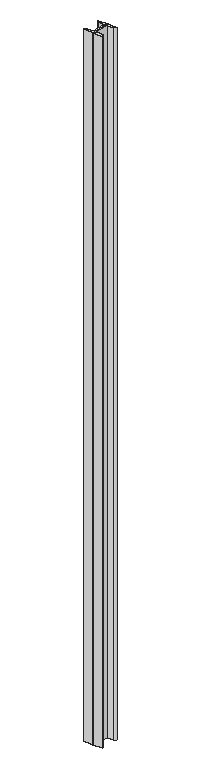
Revit family
Parameters (values of type "2C 75x40x5/7")
  공간 = 0 mm
  기둥 재료 [instance] = 금속 - 스틸 - 345 MPa
  A = 1763.60 mm²
  Assembly Code = "B10"
  W = 0.136
  bf = 40 mm
  d = 75 mm
  tf = 7 mm
  tw = 5 mm
Reference planes
  plane 1: y = 0
  plane 2: z = 0
  plane 3: x = 0
  plane 4: x = -40
  plane 5: x = 40
  plane 6: y = 37.5
  plane 7: y = -37.5
  plane 8: x = 0
  plane 9: x = 0
  plane 10: y = 30.5
  plane 11: y = -30.5
  plane 12: x = 5
  plane 13: x = -5
  plane 14: x = 33
  plane 15: x = -33
Forms (mm)
  Extrusion 1, solid, material "금속 - 스틸 - 345 MPa" <- "기둥 재료", detail levels medium
    sketch origin (0, 0, 0) x (1, 0, 0) y (0, 1, 0)
      loop
        line (40, 37.5) -> (0, 37.5) -> (0, -37.5) -> (40, -37.5) -> (40, -30.5) -> (5, -24.957) -> (5, 24.957) -> (40, 30.5) -> (40, 37.5)
    from 0 to 2700
  Extrusion 2, solid, material "금속 - 스틸 - 345 MPa" <- "기둥 재료", detail levels fine
    sketch origin (0, 0, 0) x (1, 0, 0) y (0, 1, 0)
      loop
        line (40, 37.5) -> (0, 37.5) -> (0, -37.5) -> (40, -37.5)
        arc (40, -37.5) -> (37.95, -32.55) -> (33, -30.5) r 7
        line (33, -30.5) -> (5, -26.065) -> (5, 26.065) -> (33, 30.5)
        arc (33, 30.5) -> (37.95, 32.55) -> (40, 37.5) r 7
    from 0 to 2700
  Extrusion 3, solid, material "금속 - 스틸 - 345 MPa" <- "기둥 재료", detail levels medium
    sketch origin (0, 0, 0) x (-1, 0, 0) y (0, -1, 0)
      loop
        line (40, -37.5) -> (40, -30.5) -> (5, -24.957) -> (5, 24.957) -> (40, 30.5) -> (40, 37.5) -> (0, 37.5) -> (0, -37.5) -> (40, -37.5)
    from 0 to 2700
  Extrusion 4, solid, material "금속 - 스틸 - 345 MPa" <- "기둥 재료", detail levels fine
    sketch origin (0, 0, 0) x (-1, 0, 0) y (0, -1, 0)
      loop
        arc (40, -37.5) -> (37.95, -32.55) -> (33, -30.5) r 7
        line (33, -30.5) -> (5, -26.065) -> (5, 26.065) -> (33, 30.5)
        arc (33, 30.5) -> (37.95, 32.55) -> (40, 37.5) r 7
        line (40, 37.5) -> (0, 37.5) -> (0, -37.5) -> (40, -37.5)
    from 0 to 2700
Lines and regions (mm)
  symbolic lines, style "StructuralColumnStickSymbols", detail levels coarse
    curve 1: line (0, 37.5, 0) -> (40, 37.5, 0)
    curve 2: line (0, -37.5, 0) -> (40, -37.5, 0)
    curve 3: line (0, 37.5, 0) -> (0, -37.5, 0)
    curve 6: line (0, 37.5, 0) -> (-40, 37.5, 0)
    curve 7: line (0, -37.5, 0) -> (-40, -37.5, 0)
    curve 8: line (0, 37.5, 0) -> (0, -37.5, 0)
  symbolic lines, style "숨겨진 면", detail levels medium+fine
    curve 4: line (-5, 0, 0) -> (-5, 0, 2700)
    curve 5: line (5, 0, 2700) -> (5, 0, 0)
Dimensions and locks
  equal spacing: plane 7, plane 1, plane 6
  "d": plane 7 to plane 6
  equal spacing: plane 8, plane 3, plane 9
  "공간": plane 8 to plane 9
  "bf": plane 9 to plane 5
  "bf": plane 4 to plane 8
  "tf": plane 6 to plane 10
  "tf": plane 7 to plane 11
  "tw": plane 9 to plane 12
  "tw": plane 8 to plane 13
  "tf": plane 14 to plane 5
  "tf": plane 15 to plane 4
  "tf": radius of Extrusion 2 sketch curve  (x2)
  "tf": radius of Extrusion 4 sketch curve  (x2)
  locked: plane 10 to Extrusion 1 sketch curve (angle 9.00°)
  locked: Extrusion 1 sketch curve to plane 11 (angle 9.00°)
  locked: Extrusion 2 sketch curve to plane 11 (angle 9.00°)
  angle plane 10 to Extrusion 2 sketch curve = 9.00°
  locked: Extrusion 3 sketch curve to plane 10 (angle 9.00°)
  locked: plane 11 to Extrusion 3 sketch curve (angle 9.00°)
  locked: Extrusion 4 sketch curve to plane 10 (angle 9.00°)
  locked: plane 11 to Extrusion 4 sketch curve (angle 9.00°)
  aligned and locked: level to plane 2
  aligned and locked: plane 9 to curve 2
  aligned and locked: plane 9 to curve 1
  aligned and locked: plane 5 to curve 2
  aligned and locked: plane 5 to curve 1
  aligned and locked: plane 6 to curve 1
  aligned and locked: curve 7 to plane 7
  aligned and locked: curve 6 to plane 6
  aligned and locked: plane 4 to curve 6
  aligned and locked: plane 4 to curve 7
  aligned and locked: plane 7 to curve 3
  aligned and locked: plane 8 to curve 7
  aligned and locked: plane 8 to curve 6
  aligned and locked: level to curve 5  (x2)
  aligned and locked: level to curve 4  (x2)
  aligned and locked: plane 12 to curve 5
  aligned and locked: plane 13 to curve 4
  aligned and locked: plane 6 to Extrusion 1 sketch curve
  aligned and locked: Extrusion 1 sketch curve to plane 9
  aligned and locked: Extrusion 1 sketch curve to plane 7
  aligned and locked: plane 12 to Extrusion 1 sketch curve
  aligned and locked: plane 5 to Extrusion 1 sketch curve  (x4)
  aligned and locked: plane 11 to Extrusion 1 sketch curve
  aligned and locked: Extrusion 2 sketch curve to plane 6
  aligned and locked: plane 9 to Extrusion 2 sketch curve
  aligned and locked: plane 7 to Extrusion 2 sketch curve
  aligned and locked: Extrusion 2 sketch curve to plane 12
  aligned and locked: plane 14 to Extrusion 2 sketch curve  (x4)
  aligned and locked: plane 11 to Extrusion 2 sketch curve
  aligned and locked: plane 10 to Extrusion 2 sketch curve
  aligned and locked: plane 7 to Extrusion 3 sketch curve
  aligned and locked: plane 8 to Extrusion 3 sketch curve
  aligned and locked: Extrusion 3 sketch curve to plane 6
  aligned and locked: plane 4 to Extrusion 3 sketch curve  (x2)
  aligned and locked: Extrusion 3 sketch curve to plane 13
  aligned and locked: Extrusion 4 sketch curve to plane 8
  aligned and locked: plane 6 to Extrusion 4 sketch curve  (x2)
  aligned and locked: plane 13 to Extrusion 4 sketch curve
  aligned and locked: Extrusion 4 sketch curve to plane 7
  aligned and locked: plane 7 to Extrusion 4 sketch curve
  aligned and locked: plane 15 to Extrusion 4 sketch curve  (x2)
  aligned and locked: level to Extrusion 2
  aligned and locked: level to Extrusion 4
  aligned and locked: level to Extrusion 1
  aligned and locked: level to Extrusion 3
  aligned and locked: Extrusion 1 to level
  aligned and locked: Extrusion 2 to level
  aligned and locked: Extrusion 3 to level
  aligned and locked: Extrusion 4 to level
Automatic sketch dimensions
  Extrusion 1 sketch curve to plane 10 = 0 mm
  Extrusion 3 sketch curve to plane 11 = 0 mm
  Extrusion 3 sketch curve to plane 10 = 0 mm
